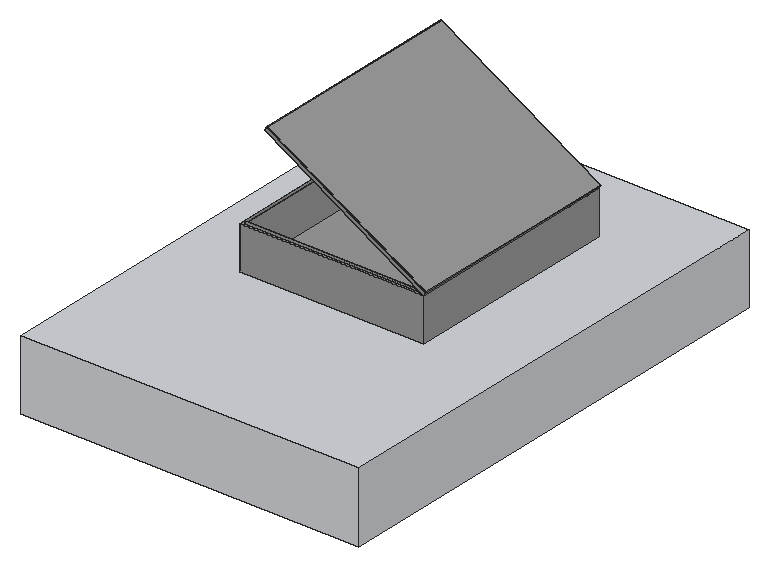
Revit family "Hager-Univers-IP54-D205-H950-Cl.I-Encl-CH-fr", category Equipement électrique, Revit 2020
Family settings
  Hôte = Face
  Configuration du panneau = Deux colonnes, circuits au sein
  Cote de connecteur circulaire = Utiliser le diamètre
  Type d'élément = Tableau de raccordement
  Couper avec des vides une fois chargée = Non
  Partagée = Non
  Point de calcul de pièce = Non
Parameters (values of type "saillie IP54 L800 H950 P205  - FP63TW2")
  Width Control [instance] = if([EF000008 - largeur] > Min Width, [EF000008 - largeur], Min Width)  # 800 mm
  Commentaires du type = [HG000003 - Gamme]  # "Univers"
  Thickness Door [instance] = if([EF009171 - épaisseur de matériau de la porte/du couvercle] > 3 mm, 3 mm, [EF009171 - épaisseur de matériau de la porte/du couvercle])  # 1 mm
  Seal Frame Offset [instance] = 17 mm  # constant formula
  Plinth Visibility [instance] = [HG000027 - Hauteur du socle] > 0 mm  # no
  Model = ""
  Min Width [instance] = 100 mm  # constant formula
  Min Height [instance] = 100 mm  # constant formula
  Min Depth [instance] = (2 * [EF009170 - épaisseur de matériau du boîtier]) + 1 mm  # 3 mm
  Internal Frame Depth [instance] = (Door System Depth * 0.5)  # 9 mm
  Height Control [instance] = if([EF000040 - hauteur] > Min Height, [EF000040 - hauteur], Min Height)  # 950 mm
  HG000027 - Hauteur du socle = 0 mm
  HG000026 - Installation au sol = no
  HG000024 - Hauteur de la section basse = 800 mm
  HG000023 - Armoire double section = no
  HG000016 - Visibilité de la porte 3D [instance] = yes
  HG000015 - Visibilité de l'emprise de la porte [instance] = no
  HG000014 - Porte à droite [instance] = yes
  HG000013 - Porte à gauche [instance] = not([HG000014 - Porte à droite])  # no
  HG000012 - Angle de pivotement de la porte [instance] = 30.00°
  HG000010 - Portes asymétriques = no
  HG000009 - Porte à double battant = no
  HG000006 - Encastré = no
  HG000004 - Référence fabricant = "FP63TW2"
  HG000003 - Gamme = "Univers"
  HG000002 - avec porte = yes
  Frame Offset Bottom [instance] = 10 mm  # constant formula
  Frame Offset [instance] = 15 mm  # constant formula
  EF015940 - couvercle avec décharge de pression = no
  EF011959 - degré de protection (NEMA) = ""
  EF009554 - nombre d'ouvertures pour plaques à bride = 6
  Fabricant = "Hager"  # constant formula
  EF009212 - finition du couvercle = "EV000116 - fermé"
  EF009171 - épaisseur de matériau de la porte/du couvercle = 1 mm
  EF009170 - épaisseur de matériau du boîtier = 1 mm
  EF008873 - courant nominal (In) = 250 A
  EF007800 - adapté à un parafoudre = no
  EF006306 - avec serrure = no
  EF006244 - couvercle/porte transparent(e) = no
  EF005474 - indice de protection (IP) = "EV006419 - IP54"
  EF004464 - type de porte = "EV002646 - unique"
  EF004427 - nombre de modules = 216
  EF004293 - indice de protection contre les chocs (IK) = "EV006815 - IK09"
  EF003532 - convient pour utilisation à l’extérieur = no
  EF002950 - largeur en nombre de modules = 36
  EF001613 - maintien de fonction = "EV000494 - sans"
  EF001596 - matériau du boîtier/corps = "EV000179 - acier"
  EF001131 - profondeur intérieure = 130 mm
  EF001088 - possibilité de montage en saillie = yes
  EF000437 - nombre d'entrées de conduit = 6
  EF000339 - type de capot = "EV001012 - couvercle"
  EF000266 - nombre de rangées = 6
  EF000218 - profondeur d'encastrement = 205 mm
  EF000118 - avec cadre/support de montage = no
  EF000116 - numéro RAL = "9010"
  EF000049 - profondeur = 205 mm
  EF000040 - hauteur = 950 mm
  EF000008 - largeur = 800 mm
  EF000007 - couleur = "EV000202 - blanc"
  EF000003 - mode de pose = "EV000384 - saillie"
  Door System Leaf Tolerance [instance] = 1.5 mm  # constant formula
  Door System Depth [instance] = 18 mm  # constant formula
  Door Height [instance] = Height Control - [HG000027 - Hauteur du socle]  # 950 mm
  Depth Control [instance] = if([EF000049 - profondeur] > Min Depth, [EF000049 - profondeur], Min Depth)  # 205 mm
  Default Elevation = 0 mm
  Connector Offset [instance] = Height Control / 2  # 475 mm
  Bottom Top Plate Trim [instance] = 1.5 mm  # constant formula
  Plinth height Ctrl [instance] = if([HG000027 - Hauteur du socle] > 0 mm, [HG000027 - Hauteur du socle], 12 mm)  # 12 mm
Types (5, lengths in mm): name | Width Control | HG000004 - Référence fabricant | EF009554 - nombre d'ouvertures pour plaques à bride | EF004464 - type de porte | EF004427 - nombre de modules | EF002950 - largeur en nombre de modules | EF000437 - nombre d'entrées de conduit | EF000008 - largeur
  saillie IP54 L1050 H950 P205  - FP64TW2 | 1050 | "FP64TW2" | 8 | "EV003602 - double" | 288 | 48 | 8 | 1050
  saillie IP54 L1300 H950 P205  - FP65TW2 | 1300 | "FP65TW2" | 10 | "EV003602 - double" | 360 | 60 | 10 | 1300
  saillie IP54 L300 H950 P205  - FP61TW2 | 300 | "FP61TW2" | 2 | "EV002646 - unique" | 72 | 12 | 2 | 300
  saillie IP54 L550 H950 P205  - FP62TW2 | 550 | "FP62TW2" | 4 | "EV002646 - unique" | 144 | 24 | 4 | 550
  saillie IP54 L800 H950 P205  - FP63TW2 | 800 | "FP63TW2" | 6 | "EV002646 - unique" | 216 | 36 | 6 | 800
Reference planes
  plane 1 "Center (Front/Back)": y = 0
  plane 2: z = 0
  plane 3 "Center (Left/Right)": x = 0
  plane 4: z = 205
  plane 5: y = 1
  plane 6: y = 475
  plane 7: y = 0
  plane 8: y = 950
  plane 9: z = 0
  plane 10: x = -385
  plane 11: x = 385
  plane 12: x = 384
  plane 13: x = -384
  plane 14: y = 949
  plane 15: x = -383
  plane 16: x = -400
  plane 17: x = 383
  plane 18: x = 400
  plane 19: x = 399
  plane 20: x = -399
  plane 21: y = 11
  plane 22: y = 950
  plane 23: y = 934
  plane 24: z = 187
  plane 25: z = 1
  plane 26: z = 186
  plane 27: z = 204
Forms (mm)
  Extrusion 1, solid
    sketch origin (0, 0, 0) x (1, 0, 0) y (0, 1, 0)
      loop
        line (-702.964, 1305) -> (-702.964, -811.445) -> (766.763, -811.445) -> (766.763, 1305) -> (-702.964, 1305)
    from 0 to -304.8
  Extrusion 2, solid, material "Hager_Steel_RAL7035_Light_Grey", visible <- "Plinth Visibility", detail levels medium+fine
    sketch origin (0, 0, 0) x (1, 0, 0) y (0, 1, 0)
      loop
        line (-400, 0) -> (400, 0) -> (400, 12) -> (-400, 12) -> (-400, 0)
    from 0 to 187
  Extrusion 3, solid, material "Hager_Steel_RAL7035_Light_Grey", detail levels medium+fine
    sketch origin (0, 0, 0) x (1, 0, 0) y (0, 1, 0)
      loop
        line (-400, 0) -> (400, 0) -> (400, 950) -> (-400, 950) -> (-400, 0)
    from 0 to 187
  Extrusion 4, void
    sketch origin (0, 0, 0) x (1, 0, 0) y (0, 1, 0)
      loop
        line (-399, 1) -> (399, 1) -> (399, 949) -> (-399, 949) -> (-399, 1)
    from 1 to 186
  Extrusion 5, void
    sketch origin (-381.607, -4572, 187) x (0, -1, 0) y (-1, 0, 0)
      loop
        line (-4583, 2.393) -> (-5506, 2.393) -> (-5506, -765.607) -> (-4583, -765.607) -> (-4583, 2.393)
    from 0 to 1 <- "EF009170 - épaisseur de matériau du boîtier"
  Extrusion 6, solid, material "Hager_Steel_RAL7035_Light_Grey", detail levels fine
    sketch origin (0, 0, 187) x (1, 0, 0) y (0, 1, 0)
      loop
        line (-384, 934) -> (-384, 11) -> (384, 11) -> (384, 934) -> (-384, 934)
      loop
        line (-385, 10) -> (385, 10) -> (385, 935) -> (-385, 935) -> (-385, 10)
    from 0 to 9 <- "Internal Frame Depth"
  Extrusion 7, solid, material "Hager_Steel_RAL7035_Light_Grey", detail levels coarse
    sketch origin (0, 0, 0) x (1, 0, 0) y (0, 1, 0)
      loop
        line (-400, 0) -> (400, 0) -> (400, 950) -> (-400, 950) -> (-400, 0)
    from 0 to 205
  Sweep 8, void
    path in 3D
      loop
        line (-400, 12, 0) -> (400, 12, 0) -> (400, 12, 187) -> (-400, 12, 187) -> (-400, 12, 0)
    profile origin (-400, 12, 93.5) x (-1, 0, 0) y (0, -1, 0)
      loop
        line (0, 0) -> (0, 1.5) -> (-1.5, 1.5)
        arc (-1.5, 1.5) -> (-1.061, 0.439) -> (0, 0) r 1.5
Cuts and joins
  Extrusion 4, Extrusion 5 cuts Extrusion 3
  Sweep 8 cuts Extrusion 2
Lines and regions (mm)
  Masking region 1
    outline origin (0, 0, 0) x (1, 0, 0) y (0, 0, 1)
      loop
        line (-400, 205) -> (-400, 0) -> (400, 0) -> (400, 205) -> (-400, 205)
  Masking region 2, detail levels medium+fine
    outline origin (0, 140, 0) x (0, 1, 0) y (0, 0, 1)
      loop
        line (-140, 0) -> (810, 0) -> (810, 187) -> (-140, 187) -> (-140, 0)
  Masking region 3, not visible, detail levels medium+fine
    outline origin (0, 297.922, 0) x (0, 1, 0) y (0, 0, 1)
      loop
        line (188.578, 0) -> (228.578, 0) -> (228.578, 194)
        arc (228.578, 194) -> (225.649, 201.071) -> (218.578, 204) r 10
        line (218.578, 204) -> (188.578, 204) -> (188.578, 0)
  Masking region 4, detail levels coarse
    outline origin (0, 0, 180) x (0, 1, 0) y (0, 0, 1)
      loop
        line (0, -180) -> (950, -180) -> (950, 25) -> (0, 25) -> (0, -180)
  Masking region 5, visible <- "Plinth Visibility", detail levels medium+fine
    outline origin (0, 52.24, 12.345) x (0, 0, -1) y (0, 1, 0)
      loop
        line (10.845, -40.24) -> (-173.155, -40.24)
        arc (-173.155, -40.24) -> (-173.594, -41.301) -> (-174.655, -41.74) r 1.5
        line (-174.655, -41.74) -> (-174.655, -52.24) -> (12.345, -52.24) -> (12.345, -41.74)
        arc (12.345, -41.74) -> (11.285, -41.301) -> (10.845, -40.24) r 1.5
  Masking region 6, detail levels medium+fine
    outline origin (-381.607, -4572, 187) x (-1, 0, 0) y (0, -1, 0)
      loop
        line (18.393, -5522) -> (18.393, -4572) -> (-781.607, -4572) -> (-781.607, -5522) -> (18.393, -5522)
  Masking region 7, visible <- "Plinth Visibility", detail levels medium+fine
    outline origin (-381.607, -4727, 187) x (-1, 0, 0) y (0, -1, 0)
      loop
        arc (16.893, -4739) -> (17.332, -4737.939) -> (18.393, -4737.5) r 1.5
        line (18.393, -4737.5) -> (18.393, -4727) -> (-781.607, -4727) -> (-781.607, -4737.5)
        arc (-781.607, -4737.5) -> (-780.546, -4737.939) -> (-780.107, -4739) r 1.5
        line (-780.107, -4739) -> (16.893, -4739)
  Masking region 8, detail levels coarse
    outline origin (-442.548, -4669.526, 187) x (-1, 0, 0) y (0, -1, 0)
      loop
        line (-42.548, -5619.526) -> (-42.548, -4669.526) -> (-842.548, -4669.526) -> (-842.548, -5619.526) -> (-42.548, -5619.526)
  sketch lines
    curve 1: line (-400, 12, 187) -> (-400, 12, 0)
    curve 2: line (400, 12, 187) -> (-400, 12, 187)
    curve 3: line (400, 12, 187) -> (400, 12, 0)
    curve 4: line (-400, 12, 0) -> (400, 12, 0)
Dimensions and locks
  "Depth Control": plane 4 to Extrusion 1
  "HG000027 - Hauteur du socle": plane 1 "Center (Front/Back)" to plane 7
  "EF009170 - épaisseur de matériau du boîtier": plane 5 to plane 7
  locked: connector elem to plane 3 "Center (Left/Right)"
  equal spacing: plane 8, plane 6, plane 7
  locked: connector elem to plane 6
  "EF009170 - épaisseur de matériau du boîtier": plane 8 to plane 14
  "EF009170 - épaisseur de matériau du boîtier": plane 10 to plane 13
  "EF009170 - épaisseur de matériau du boîtier": plane 12 to plane 11
  "Frame Offset": plane 20 to plane 13
  "Frame Offset": plane 12 to plane 19
  "EF009170 - épaisseur de matériau du boîtier": plane 16 to plane 20
  "EF009170 - épaisseur de matériau du boîtier": plane 19 to plane 18
  "Seal Frame Offset": plane 16 to plane 15
  "Seal Frame Offset": plane 17 to plane 18
  "Frame Offset Bottom": plane 21 to plane 5
  "Frame Offset": plane 14 to plane 23
  equal spacing: plane 16, plane 3 "Center (Left/Right)", plane 18
  "Width Control": plane 16 to plane 18
  "EF009170 - épaisseur de matériau du boîtier": plane 4 to plane 27
  "EF009170 - épaisseur de matériau du boîtier": plane 24 to plane 26
  "EF009170 - épaisseur de matériau du boîtier": plane 25 to level
  "Door System Depth": plane 4 to plane 24
  "Height Control": plane 1 "Center (Front/Back)" to Extrusion 7 sketch curve
  "Height Control": Masking region 4 sketch curve to plane 1 "Center (Front/Back)"
  "Height Control": plane 1 "Center (Front/Back)" to plane 22
  "Bottom Top Plate Trim": profile plane to Sweep 8 sketch curve
  "Bottom Top Plate Trim": Sweep 8 sketch curve to profile plane
  "Plinth height Ctrl": plane 1 "Center (Front/Back)" to Extrusion 2 sketch curve
  "Plinth height Ctrl": Masking region 5 sketch curve to plane 1 "Center (Front/Back)"
  "Plinth height Ctrl": plane 1 "Center (Front/Back)" to Masking region 7 sketch curve
  "Thickness Door": Extrusion 6 sketch curve to Extrusion 6 sketch curve  (x3)
  "Thickness Door": cut or joined group of Extrusion 3, Extrusion 4, Extrusion 5 to Extrusion 6 sketch curve
  radius of Masking region 3 sketch curve = 10 mm
  "Bottom Top Plate Trim": radius of Masking region 5 sketch curve  (x2)
  "Bottom Top Plate Trim": radius of Sweep 8 sketch curve
  "Bottom Top Plate Trim": radius of Masking region 7 sketch curve  (x2)
  aligned and locked: plane 2 to Extrusion 1
  aligned and locked: level to Extrusion 1
  aligned and locked: level to Masking region 1 sketch curve
  aligned and locked: Masking region 1 sketch curve to plane 18
  aligned and locked: Masking region 1 sketch curve to plane 16
  aligned and locked: plane 7 to Masking region 2 sketch curve
  aligned and locked: level to Masking region 3 sketch curve
  aligned and locked: Masking region 3 sketch curve to plane 27
  aligned and locked: level to Masking region 2 sketch curve
  aligned and locked: plane 1 "Center (Front/Back)" to Extrusion 2 sketch curve
  aligned and locked: Extrusion 3 sketch curve to plane 7
  aligned and locked: plane 16 to Extrusion 3 sketch curve
  aligned and locked: plane 18 to Extrusion 3 sketch curve
  aligned and locked: plane 20 to Extrusion 4 sketch curve
  aligned and locked: plane 19 to Extrusion 4 sketch curve
  aligned and locked: Extrusion 4 sketch curve to plane 5
  aligned and locked: Extrusion 4 to plane 25
  aligned and locked: plane 26 to Extrusion 4
  aligned and locked: plane 24 to Extrusion 3
  aligned and locked: Extrusion 5 sketch curve to plane 21
  aligned and locked: Extrusion 5 sketch curve to plane 13
  aligned and locked: Extrusion 5 sketch curve to plane 12
  aligned and locked: plane 18 to Extrusion 7 sketch curve
  aligned and locked: plane 1 "Center (Front/Back)" to Extrusion 7 sketch curve
  aligned and locked: plane 16 to Extrusion 7 sketch curve
  aligned and locked: plane 4 to Extrusion 7
  aligned and locked: Extrusion 7 to level
  aligned and locked: level to Masking region 4 sketch curve
  aligned and locked: Masking region 4 sketch curve to plane 1 "Center (Front/Back)"
  aligned and locked: Masking region 4 sketch curve to plane 4
  aligned and locked: nested 1 to level
  aligned and locked: nested 1 to plane 16
  aligned and locked: plane 8 to Extrusion 3 sketch curve
  aligned and locked: plane 23 to Extrusion 5 sketch curve
  aligned and locked: plane 14 to Extrusion 4 sketch curve
  aligned and locked: Masking region 2 sketch curve to plane 8
  aligned and locked: level to Masking region 5 sketch curve
  aligned and locked: plane 16 to Extrusion 2 sketch curve
  aligned and locked: plane 18 to Extrusion 2 sketch curve
  aligned and locked: Masking region 5 sketch curve to plane 24
  aligned and locked: Masking region 2 sketch curve to plane 24
  aligned and locked: plane 24 to Extrusion 2
  aligned and locked: profile plane to Sweep 8 sketch curve  (x2)
  aligned and locked: Masking region 6 sketch curve to plane 18
  aligned and locked: Masking region 6 sketch curve to plane 22
  aligned and locked: Masking region 6 sketch curve to plane 16
  aligned and locked: plane 8 to plane 22
  aligned and locked: Masking region 6 sketch curve to plane 7
  aligned and locked: Masking region 7 sketch curve to plane 16
  aligned and locked: Masking region 7 sketch curve to plane 1 "Center (Front/Back)"
  aligned and locked: Masking region 7 sketch curve to plane 18
  aligned and locked: Masking region 8 sketch curve to plane 1 "Center (Front/Back)"
  aligned and locked: Masking region 8 sketch curve to plane 18
  aligned and locked: Masking region 8 sketch curve to plane 22
  aligned and locked: Masking region 8 sketch curve to plane 16
  aligned and locked: nested 2 to plane 7
  aligned and locked: plane 3 "Center (Left/Right)" to nested 2
  aligned and locked: nested 2 to plane 24
  aligned and locked: Extrusion 6 sketch curve to cut or joined group of Extrusion 3, Extrusion 4, Extrusion 5  (x4)
Automatic sketch dimensions
  Extrusion 1 sketch curve to Extrusion 1 sketch curve = 1469.727 mm
  Extrusion 1 sketch curve to Extrusion 1 sketch curve = 2116.445 mm
  Masking region 1 sketch curve to plane 4 = 0 mm
  plane 6 to Masking region 3 sketch curve = 11.5 mm
  Masking region 3 sketch curve to Masking region 3 sketch curve = 30 mm
  Masking region 5 sketch curve to plane 1 "Center (Front/Back)" = 0 mm
Nested families
  nested 1: "Hager_Enclosure_Symbol" at (-400, 0, 0) x (1, 0, 0) z (0, -1, 0), Height <- "Depth Control", Width <- "Width Control", type "Hager_Enclosure_Symbol"
    with Width_Ctrl 800 mm, Width 800 mm, Height_Ctrl 205 mm, Height 205 mm, A_Width_Int 13.453 mm, A_Width 161.438 mm, A_Height_Ctrl 179.375 mm, A_Height 179.375 mm
  nested 2: "EC000058_Univers_Door" at (0, 0, 187) x (1, 0, 0) z (0, 1, 0), Leaf_Tolerance <- "Door System Leaf Tolerance", Angle <- "HG000012 - Angle de pivotement de la porte", Door_Depth <- "Door System Depth", Door_Left <- "HG000013 - Porte à gauche", Transparent <- "EF006244 - couvercle/porte transparent(e)", Assymetrical <- "HG000010 - Portes asymétriques", Width <- "Width Control", Clearance <- "HG000015 - Visibilité de l'emprise de la porte", Double <- "HG000009 - Porte à double battant", 3d_Door <- "HG000016 - Visibilité de la porte 3D", Lock_Visibility <- "EF006306 - avec serrure", Width_Ctrl <- "Width Control", Door_Right <- "HG000014 - Porte à droite", Door <- "HG000002 - avec porte", Height <- "Door Height", Thickness <- "Thickness Door", type "EC000058_Univers_Door", detail levels medium+fine
    with min_wh 3 mm, Width_Ctrl 800 mm, Width 800 mm, Transparent no, Thickness 1 mm, Seal_Material Hager_Rubber, Lock_Visibility no, Lock_Material Hager_Plastic_RAL9005_Jet_Black, Leaf_Width 800 mm, Leaf_Tolerance_External_Sides 0 mm, Leaf_Tolerance 1.5 mm, Leaf_Offset 0 mm, Leaf_Height 947 mm, Leaf_2_Width 800 mm, Leaf_2_Offset 400 mm, Leaf_1_Width 800 mm, Leaf_1_Offset 400 mm, Height_Ctrl 950 mm, Height 950 mm, Glass_Material Hager_Glass, Double_Clearance_Ctrl no, Double no, Door_Right_Ctrl yes, Door_Right yes, Door_Material Hager_Steel_RAL7035_Light_Grey, Door_Left_Ctrl no, Door_Left no, Door_Depth 18 mm, Door yes, Clearance_Material Hager_Clearance, Clearance_Depth 800 mm, Clearance_Ctrl no, Clearance no, Assymetrical no, Angle 30.00°, 3d_Door yes
Connectors
  electrical at (0, 475, 0)
    settings: on plane 9, index 1, voltage 0 V, apparent load 0 VA, apparent load phase1 0 VA, apparent load phase2 0 VA, apparent load phase3 0 VA, power factor 1, load classification "Other", number of poles 1, system type 30, power factor state 1, is connector primary yes, connector utility no, sub classification motor no, connector description ""
Definition of nested family "EC000058_Univers_Door"
  Parameters (values of type "EC000058_Univers_Door")
    min_wh [instance] = (2 * Thickness) + 1 mm  # 11 mm
    Width_Ctrl [instance] = 400 mm
    Width [instance] = 500 mm
    Transparent [instance] = yes
    Thickness [instance] = 5 mm
    Seal_Material [instance] = none
    Lock_Visibility [instance] = yes
    Lock_Material [instance] = none
    Leaf_Width [instance] = if((Width_Ctrl - 2 * Leaf_Tolerance_External_Sides) > 0 mm, (Width_Ctrl - 2 * Leaf_Tolerance_External_Sides), min_wh)  # 400 mm
    Leaf_Tolerance_External_Sides [instance] = 0 mm  # constant formula
    Leaf_Tolerance [instance] = 1.5 mm
    Leaf_Offset [instance] = 0 mm  # constant formula
    Leaf_Height [instance] = if((Height_Ctrl - 2 * Leaf_Tolerance) > 0 mm, (Height_Ctrl - 2 * Leaf_Tolerance), min_wh)  # 497 mm
    Leaf_2_Width [instance] = if(and(and(Double, Assymetrical), Door_Left), (Leaf_Width / 3) - (Leaf_Tolerance / 2), if(and(and(Double, Assymetrical), Door_Right), (Leaf_Width / 3) * 2 - (Leaf_Tolerance / 2), if(and(Double, not(Assymetrical)), (Leaf_Width / 2) - Leaf_Tolerance, Leaf_Width)))  # 400 mm
    Leaf_2_Offset [instance] = if(and(Double, Assymetrical), Leaf_2_Width / 2, if(and(Double, not(Assymetrical)), Leaf_Width / 4, Leaf_Width / 2))  # 200 mm
    Leaf_1_Width [instance] = if(and(and(Double, Assymetrical), Door_Right), (Leaf_Width / 3) - (Leaf_Tolerance / 2), if(and(and(Double, Assymetrical), Door_Left), (Width / 3) * 2 - (Leaf_Tolerance / 2), if(and(Double, not(Assymetrical)), (Leaf_Width / 2) - Leaf_Tolerance, Leaf_Width)))  # 400 mm
    Leaf_1_Offset [instance] = if(and(Double, Assymetrical), Leaf_1_Width / 2, if(and(Double, not(Assymetrical)), Leaf_Width / 4, Leaf_Width / 2))  # 200 mm
    Height_Ctrl [instance] = if(Height > min_wh, Height, min_wh)  # 500 mm
    Height [instance] = 500 mm
    Glass_Material [instance] = none
    Double_Clearance_Ctrl [instance] = and(Double, Clearance)  # no
    Double [instance] = no
    Door_Right_Ctrl [instance] = and(or(Door_Right, Double), Door)  # yes
    Door_Right [instance] = yes
    Door_Material [instance] = none
    Door_Left_Ctrl [instance] = and(or(Door_Left, Double), Door)  # no
    Door_Left [instance] = no
    Door_Depth [instance] = 30 mm
    Door [instance] = yes
    Default Elevation = 1219.2 mm
    Clearance_Material [instance] = none
    Clearance_Depth [instance] = if(Leaf_1_Width > Leaf_2_Width, Leaf_1_Width, Leaf_2_Width)  # 400 mm
    Clearance_Ctrl [instance] = and(not(Double), Clearance)  # yes
    Clearance [instance] = yes
    Assymetrical [instance] = yes
    Angle [instance] = 30.00°
    3d_Door [instance] = yes
  Reference planes
    plane 1 "Center (Front/Back)": y = 0
    plane 2 "Bottom": z = 0
    plane 3 "Center (Left/Right)": x = 0
    plane 4: z = 500
    plane 5: x = -200
    plane 6: x = 200
    plane 7: z = 500
    plane 8: x = -200
    plane 9: z = 0
    plane 10: x = 200
    plane 11: y = 0
    plane 12: z = 1.5
    plane 13: x = -600
    plane 14: y = -400
    plane 15: x = 600
    plane 16: x = 0
    plane 17: x = 0
    plane 18: x = -200
    plane 19: x = 200
    plane 20: z = 498.5
  Forms (mm)
    Extrusion 1, solid, material <- "Clearance_Material", visible <- "Double_Clearance_Ctrl"
      sketch origin (1200, 0, 0) x (1, 0, 0) y (0, 0, -1)
        loop
          line (-1800, -498.5) -> (-600, -498.5) -> (-600, 0) -> (-1800, 0) -> (-1800, -498.5)
      from 0 to -400
  Dimensions and locks
    equal spacing: plane 5, plane 3 "Center (Left/Right)", plane 6
    "Width_Ctrl": plane 5 to plane 6
    "Leaf_Offset": plane 5 to plane 8
    "Leaf_Offset": plane 6 to plane 10
    "Leaf_Offset": plane 9 to level
    "Leaf_Offset": plane 4 to plane 7
    "Height_Ctrl": plane 4 to level
    "Leaf_Tolerance": plane 12 to plane 9
    locked: plane 11 to plane 1 "Center (Front/Back)"
    "Leaf_1_Offset": plane 18 to plane 16
    "Leaf_2_Offset": plane 17 to plane 19
    "Leaf_1_Width": plane 13 to plane 8
    "Leaf_2_Width": plane 10 to plane 15
    "Clearance_Depth": plane 14 to plane 1 "Center (Front/Back)"
    "Leaf_Tolerance_External_Sides": plane 8 to plane 18
    "Leaf_Tolerance_External_Sides": plane 19 to plane 10
    "Leaf_Tolerance": plane 7 to plane 20
    aligned and locked: level to plane 2 "Bottom"
    aligned and locked: nested 1 to plane 16
    aligned and locked: nested 2 to plane 17
    aligned and locked: Extrusion 1 to plane 13
    aligned and locked: plane 15 to Extrusion 1
    aligned and locked: Extrusion 1 to plane 14
    aligned and locked: plane 12 to nested 1
    aligned and locked: nested 2 to plane 12
    aligned and locked: Extrusion 1 to plane 11
    aligned and locked: plane 20 to Extrusion 1
    aligned and locked: nested 2 to plane 11
    aligned and locked: nested 1 to plane 11
  Automatic sketch dimensions
    Extrusion 1 sketch curve to level = 0 mm
    plane 5 to Extrusion 1 sketch curve = 400 mm
    plane 6 to Extrusion 1 sketch curve = 400 mm
    Extrusion 1 sketch curve to plane 4 = 1.5 mm
  Nested families
    nested 1: "EC000058_Univers_Door_Leaf" at (0, 0, 1.5), Width <- "Leaf_1_Width", visible <- "Door_Left_Ctrl", Leaf_Height <- "Leaf_Height", Angle <- "Angle", 3d_Door <- "3d_Door", Transparent <- "Transparent", Clearance Material <- "Clearance_Material", Clearance <- "Clearance_Ctrl", Door_Material <- "Door_Material", Glass_Material <- "Glass_Material", Door_Depth <- "Door_Depth", Lock_Material <- "Lock_Material", Seal_Material <- "Seal_Material", Lock_Visibility <- "Lock_Visibility", Thickness <- "Thickness", type "EC000058_Univers_Door_Leaf"
      with Width 400 mm, Transparent_Glass_Offset 30 mm, Transparent_Ctrl yes, Transparent yes, Thickness 5 mm, Standard no, Seal_Material none, Seal_D2 8 mm, Seal_D1 1 mm, Offset_Internal_Frame 10 mm, Lock_Width 20 mm, Lock_Visibility_3d yes, Lock_Visibility yes, Lock_Thickness_3 3 mm, Lock_Thickness_2 1 mm, Lock_Thickness_1 3 mm, Lock_Radius_Offset_2 16 mm, Lock_Radius_Offset_1 15 mm, Lock_Radius_2 5 mm, Lock_Radius 6 mm, Lock_Offset 5 mm, Lock_Material none, Lock_Height 80 mm, Lock_Cover_Top_Offset_2d 17 mm, Lock_Cover_Height -65 mm, Leaf_Height 497 mm, Internal_Seal_Thickness 8 mm, Internal_Seal_Depth_2 4.5 mm, Internal_Frame_Depth 25 mm, Glass_Thickness -1 mm, Glass_Offset -2 mm, Glass_Material none, Door_Material none, Door_Depth 30 mm, Clearance Material none, Clearance yes, Angle_Ctrl 30.00°, Angle 30.00°, 3d_Door yes
    nested 2: "EC000058_Univers_Door_Leaf" at (0, 0, 1.5) x (-1, 0, 0) z (0, 0, 1), Width <- "Leaf_2_Width", visible <- "Door_Right_Ctrl", Leaf_Height <- "Leaf_Height", Angle <- "Angle", 3d_Door <- "3d_Door", Transparent <- "Transparent", Clearance Material <- "Clearance_Material", Clearance <- "Clearance_Ctrl", Door_Material <- "Door_Material", Glass_Material <- "Glass_Material", Door_Depth <- "Door_Depth", Lock_Material <- "Lock_Material", Seal_Material <- "Seal_Material", Lock_Visibility <- "Lock_Visibility", Thickness <- "Thickness", type "EC000058_Univers_Door_Leaf"
      with Width 400 mm, Transparent_Glass_Offset 30 mm, Transparent_Ctrl yes, Transparent yes, Thickness 5 mm, Standard no, Seal_Material none, Seal_D2 8 mm, Seal_D1 1 mm, Offset_Internal_Frame 10 mm, Lock_Width 20 mm, Lock_Visibility_3d yes, Lock_Visibility yes, Lock_Thickness_3 3 mm, Lock_Thickness_2 1 mm, Lock_Thickness_1 3 mm, Lock_Radius_Offset_2 16 mm, Lock_Radius_Offset_1 15 mm, Lock_Radius_2 5 mm, Lock_Radius 6 mm, Lock_Offset 5 mm, Lock_Material none, Lock_Height 80 mm, Lock_Cover_Top_Offset_2d 17 mm, Lock_Cover_Height -65 mm, Leaf_Height 497 mm, Internal_Seal_Thickness 8 mm, Internal_Seal_Depth_2 4.5 mm, Internal_Frame_Depth 25 mm, Glass_Thickness -1 mm, Glass_Offset -2 mm, Glass_Material none, Door_Material none, Door_Depth 30 mm, Clearance Material none, Clearance yes, Angle_Ctrl 30.00°, Angle 30.00°, 3d_Door yes
  Definition of nested family "EC000058_Univers_Door_Leaf"
    Parameters (values of type "EC000058_Univers_Door_Leaf")
      Width [instance] = 2000 mm
      Transparent_Glass_Offset [instance] = 30 mm
      Transparent_Ctrl [instance] = and(Transparent, [3d_Door])  # yes
      Transparent [instance] = yes
      Thickness [instance] = 5 mm
      Standard [instance] = and(not(Transparent), [3d_Door])  # no
      Seal_Material [instance] = none
      Seal_D2 [instance] = 8 mm  # constant formula
      Seal_D1 [instance] = 1 mm  # constant formula
      Offset_Internal_Frame [instance] = 10 mm  # constant formula
      Lock_Width [instance] = 20 mm  # constant formula
      Lock_Visibility_3d [instance] = and(Lock_Visibility, [3d_Door])  # yes
      Lock_Visibility [instance] = yes
      Lock_Thickness_3 [instance] = 3 mm  # constant formula
      Lock_Thickness_2 [instance] = 1 mm  # constant formula
      Lock_Thickness_1 [instance] = 3 mm  # constant formula
      Lock_Radius_Offset_2 [instance] = Lock_Radius_Offset_1 + 1 mm  # 16 mm
      Lock_Radius_Offset_1 [instance] = 15 mm  # constant formula
      Lock_Radius_2 [instance] = Lock_Radius - 1 mm  # 5 mm
      Lock_Radius [instance] = 6 mm  # constant formula
      Lock_Offset [instance] = 5 mm  # constant formula
      Lock_Material [instance] = none
      Lock_Height [instance] = 80 mm  # constant formula
      Lock_Cover_Top_Offset_2d [instance] = Lock_Radius_Offset_2 + 1 mm  # 17 mm
      Lock_Cover_Height [instance] = -(Lock_Height - Lock_Radius_Offset_1)  # -65 mm
      Leaf_Height [instance] = 2720.336 mm
      Internal_Seal_Thickness [instance] = 8 mm  # constant formula
      Internal_Seal_Depth_2 [instance] = 4.5 mm  # constant formula
      Internal_Frame_Depth [instance] = if(Door_Depth - Thickness > 5 mm, Door_Depth - Thickness, 5 mm)  # 25 mm
      Glass_Thickness [instance] = if(Thickness > 15 mm, Glass_Offset + 10 mm, -1 mm)  # -1 mm
      Glass_Offset [instance] = if(Thickness > 15 mm, -(Thickness + 10 mm) / 2, -2 mm)  # -2 mm
      Glass_Material [instance] = none
      Door_Material [instance] = none
      Door_Depth [instance] = 30 mm
      Default Elevation = 0 mm
      Clearance Material [instance] = none
      Clearance [instance] = yes
      Angle_Ctrl [instance] = if(Angle > 180.00°, 180.00°, Angle)  # 90.00°
      Angle [instance] = 90.00°
      3d_Door [instance] = yes
    Reference planes
      plane 1 "Center (Front/Back)": y = 0
      plane 2: z = 0
      plane 3 "Center (Left/Right)": x = 0
      plane 4: y = 2000
      plane 5: x = -1000
      plane 6: x = 1000
      plane 7: x = -3000
      plane 8: z = 2720.336
      plane 9: z = 30
      plane 10: z = 2690.336
      plane 11: x = 970
      plane 12: x = -970
      plane 13: y = -3
      plane 14: z = 107.833
      plane 15: y = -5
      plane 16: y = -223.314
      plane 17: x = -1000
      plane 18: z = 1360.168
      plane 19: y = 30
    Forms (mm)
      Extrusion 1, solid, material <- "Clearance Material", visible <- "Clearance"
        sketch origin (0, 0, 0) x (1, 0, 0) y (0, 0, 1)
          loop
            line (-3000, 2720.336) -> (-3000, 0) -> (1000, 0) -> (1000, 2720.336) -> (-3000, 2720.336)
        from 0 to -2000
      Extrusion 2, solid, material <- "Door_Material", visible <- "Standard", detail levels medium+fine
        sketch origin (-1000, 0, 0) x (0, 1, 0) y (-1, 0, 0)
          loop
            line (0, 30) -> (0, 25) -> (2000, 25) -> (2000, 30) -> (0, 30)
        from 0 to 2720.336 <- "Leaf_Height"
      Extrusion 3, solid, material <- "Door_Material", visible <- "Transparent_Ctrl", detail levels medium+fine
        sketch origin (-1000, 0, 0) x (0, 1, 0) y (-1, 0, 0)
          loop
            line (0, 25) -> (2000, 25) -> (2000, 30) -> (0, 30) -> (0, 25)
        from 0 to 2720.336 <- "Leaf_Height"
      Extrusion 4, void
        sketch origin (-1025, 2000, 0) x (0, 1, 0) y (0, 0, -1)
          loop
            line (-30, -2690.336) -> (-30, -30) -> (-1970, -30) -> (-1970, -2690.336) -> (-30, -2690.336)
        from 0 to 5 <- "Thickness"
      Sweep 5, solid, material <- "Seal_Material", visible <- "Transparent_Ctrl", detail levels fine
        path in 3D
          loop
            line (-1025, 30, 30) -> (-1025, 30, 2690.336) -> (-1025, 1970, 2690.336) -> (-1025, 1970, 30) -> (-1025, 30, 30)
        profile origin (-1025, 1000, 30) x (1, 0, 0) y (0, 0, 1)
          loop
            line (0, 0) -> (0, -8) -> (1, -8) -> (1, 0) -> (0, 0)
      Extrusion 6, solid, material <- "Glass_Material", visible <- "Transparent_Ctrl", detail levels medium+fine
        sketch origin (-1030, 0, 0) x (0, 1, 0) y (0, 0, -1)
          loop
            line (1970, -2690.336) -> (1970, -30) -> (30, -30) -> (30, -2690.336) -> (1970, -2690.336)
        from -2 <- "Glass_Offset" to -1 <- "Glass_Thickness"
      Extrusion 7, solid, material <- "Door_Material", visible <- "3d_Door", detail levels medium+fine
        sketch origin (-1025, 2000, 0) x (0, -1, 0) y (0, 0, -1)
          loop
            line (0, -2720.336) -> (2000, -2720.336) -> (2000, 0) -> (0, 0) -> (0, -2720.336)
          loop
            line (1995, -5) -> (5, -5) -> (5, -2715.336) -> (1995, -2715.336) -> (1995, -5)
        from 0 to 25 <- "Internal_Frame_Depth"
      Sweep 8, solid, material <- "Seal_Material", visible <- "Transparent_Ctrl", detail levels fine
        path in 3D
          loop
            line (-1025, 0, 0) -> (-1025, 2000, 0) -> (-1025, 2000, 2720.336) -> (-1025, 0, 2720.336) -> (-1025, 0, 0)
        profile origin (-1025, 0, 1360.168) x (1, 0, 0) y (0, 1, 0)
          loop
            line (0, 10) -> (2.975, 10)
            arc (2.975, 10) -> (4.053, 10.447) -> (4.5, 11.525) r 1.525
            line (4.5, 11.525) -> (4.5, 16.527)
            arc (4.5, 16.527) -> (4.069, 17.569) -> (3.027, 18) r 1.473
            line (3.027, 18) -> (0, 18) -> (0, 10)
      Extrusion 9, solid, material <- "Lock_Material", visible <- "Lock_Visibility_3d", detail levels fine
        sketch origin (-1030, 0, 0) x (0, 1, 0) y (0, 0, -1)
          loop
            arc (1993.5, -1400.168) -> (1994.561, -1399.729) -> (1995, -1398.668) r 1.5
            line (1995, -1398.668) -> (1995, -1320.168) -> (1975, -1320.168) -> (1975, -1398.668)
            arc (1975, -1398.668) -> (1975.439, -1399.729) -> (1976.5, -1400.168) r 1.5
            line (1976.5, -1400.168) -> (1993.5, -1400.168)
        from 3 <- "Lock_Thickness_1" to 0
      Blend 10, solid, material <- "Lock_Material", visible <- "Lock_Visibility_3d", detail levels fine
        base sketch origin (-1033, 0, 0) x (0, 1, 0) y (0, 0, -1)
          loop
            line (1975, -1320.168) -> (1975, -1398.668)
            arc (1975, -1398.668) -> (1975.439, -1399.729) -> (1976.5, -1400.168) r 1.5
            line (1976.5, -1400.168) -> (1993.5, -1400.168)
            arc (1993.5, -1400.168) -> (1994.561, -1399.729) -> (1995, -1398.668) r 1.5
            line (1995, -1398.668) -> (1995, -1320.168) -> (1975, -1320.168)
        top sketch origin (-1033, 0, 0) x (0, 1, 0) y (0, 0, -1)
          loop
            line (1976, -1320.168) -> (1976, -1398.668)
            arc (1976, -1398.668) -> (1976.146, -1399.022) -> (1976.5, -1399.168) r 0.5
            line (1976.5, -1399.168) -> (1993.5, -1399.168)
            arc (1993.5, -1399.168) -> (1993.854, -1399.022) -> (1994, -1398.668) r 0.5
            line (1994, -1398.668) -> (1994, -1320.168) -> (1976, -1320.168)
        from 0 to 1 <- "Lock_Thickness_2"
      Blend 11, solid, material <- "Lock_Material", visible <- "Lock_Visibility_3d", detail levels fine
        base sketch origin (-1034, 0, 0) x (0, 1, 0) y (0, 0, -1)
          loop
            line (1978, -1320.168) -> (1978, -1384.168)
            arc (1978, -1384.168) -> (1985, -1391.168) -> (1992, -1384.168) r 7
            line (1992, -1384.168) -> (1992, -1320.168) -> (1978, -1320.168)
        top sketch origin (-1034, 0, 0) x (0, 1, 0) y (0, 0, -1)
          loop
            line (1991, -1320.168) -> (1979, -1320.168) -> (1979, -1383.168)
            arc (1979, -1383.168) -> (1985, -1389.168) -> (1991, -1383.168) r 6
            line (1991, -1383.168) -> (1991, -1320.168)
        from 0 to 3 <- "Lock_Thickness_3"
      Extrusion 12, solid, material <- "Lock_Material", visible <- "Lock_Visibility_3d", detail levels fine
        sketch origin (-1030, 1975, 1320.168) x (1, 0, 0) y (0, -1, 0)
          loop
            line (-7, -19) -> (-7, -1) -> (0, -1) -> (0, 0) -> (-8, 0) -> (-8, -20) -> (0, -20) -> (0, -19) -> (-7, -19)
        from 0 to -65 <- "Lock_Cover_Height"
      Extrusion 13, void
        sketch origin (-1038, 1995, 1320.168) x (-1, 0, 0) y (0, 0, -1)
          loop
            line (-5, -65) -> (0, -65) -> (-5, -60) -> (-5, -65)
        from 0 to 20 <- "Lock_Width"
      Extrusion 14, void
        sketch origin (-1038, 1975, 1320.168) x (0, -1, 0) y (0, 0, -1)
          loop
            circle (-10, -15.995) r 6
          loop
            circle (-10, -15.995) r 5
        from 0 to 2
      Extrusion 15, solid, material <- "Lock_Material", visible <- "Lock_Visibility_3d", detail levels medium
        sketch origin (-1030, 0, 0) x (0, 1, 0) y (0, 0, -1)
          loop
            arc (1993.5, -1400.168) -> (1994.561, -1399.729) -> (1995, -1398.668) r 1.5
            line (1995, -1398.668) -> (1995, -1320.168) -> (1975, -1320.168) -> (1975, -1398.668)
            arc (1975, -1398.668) -> (1975.439, -1399.729) -> (1976.5, -1400.168) r 1.5
            line (1976.5, -1400.168) -> (1993.5, -1400.168)
        from 8 to 0
    Cuts and joins
      Extrusion 4 cuts Extrusion 3
      Extrusion 13, Extrusion 14 cuts Extrusion 9
      Extrusion 14 cuts Blend 11
      Extrusion 13, Extrusion 14 cuts Extrusion 12
      joined: Extrusion 9, Blend 10, Blend 11, Extrusion 12
      Extrusion 14 cuts Extrusion 15
    Lines and regions (mm)
      Masking region 1, visible <- "Lock_Visibility", detail levels fine
        outline origin (0, 0, 0) x (0, 1, 0) y (0, 0, 1)
          loop
            line (30, 1320.168) -> (33, 1320.168) -> (33, 1400.168) -> (30, 1400.168) -> (30, 1320.168)
      Masking region 2, visible <- "Lock_Visibility", detail levels fine
        outline origin (0, 3.143, 0) x (0, 1, 0) y (0, 0, 1)
          loop
            line (29.857, 1354.168) -> (30.857, 1354.168) -> (30.857, 1366.168) -> (29.857, 1366.168) -> (29.857, 1354.168)
      Masking region 3, detail levels medium+fine
        outline origin (0, 0, 0) x (0, 1, 0) y (0, 0, 1)
          loop
            line (0, 0) -> (30, 0) -> (30, 2720.336) -> (0, 2720.336) -> (0, 0)
      Masking region 4, detail levels medium+fine
        outline origin (0, 0, 0) x (1, 0, 0) y (0, 0, 1)
          loop
            line (-1000, 2720.336) -> (-1000, 0) -> (1000, 0) -> (1000, 2720.336) -> (-1000, 2720.336)
      Masking region 5, visible <- "Lock_Visibility", detail levels fine
        outline origin (-47.116, 0, 0) x (1, 0, 0) y (0, 0, 1)
          loop
            arc (1024.616, 1399.168) -> (1023.556, 1398.729) -> (1023.116, 1397.668) r 1.5
            line (1023.116, 1397.668) -> (1023.116, 1320.168) -> (1041.116, 1320.168) -> (1041.116, 1397.668)
            arc (1041.116, 1397.668) -> (1040.677, 1398.729) -> (1039.616, 1399.168) r 1.5
            line (1039.616, 1399.168) -> (1024.616, 1399.168)
      Masking region 6, visible <- "Lock_Visibility", detail levels medium+fine
        outline origin (-25, 0, 0) x (1, 0, 0) y (0, 0, 1)
          loop
            arc (1001.5, 1400.168) -> (1000.439, 1399.729) -> (1000, 1398.668) r 1.5
            line (1000, 1398.668) -> (1000, 1320.168) -> (1020, 1320.168) -> (1020, 1398.668)
            arc (1020, 1398.668) -> (1019.561, 1399.729) -> (1018.5, 1400.168) r 1.5
            line (1018.5, 1400.168) -> (1001.5, 1400.168)
      Masking region 7, visible <- "Lock_Visibility", detail levels fine
        outline origin (-73.735, 0, 0) x (1, 0, 0) y (0, 0, 1)
          loop
            line (1051.735, 1382.168) -> (1065.735, 1382.168) -> (1065.735, 1384.168)
            arc (1065.735, 1384.168) -> (1058.735, 1391.168) -> (1051.735, 1384.168) r 7
            line (1051.735, 1384.168) -> (1051.735, 1382.168)
      Masking region 8, visible <- "Lock_Visibility", detail levels fine
        outline origin (-73.735, 0, 0) x (1, 0, 0) y (0, 0, 1)
          loop
            line (1052.735, 1382.168) -> (1064.735, 1382.168) -> (1064.735, 1383.168)
            arc (1064.735, 1383.168) -> (1058.735, 1389.168) -> (1052.735, 1383.168) r 6
            line (1052.735, 1383.168) -> (1052.735, 1382.168)
      Masking region 9, visible <- "Lock_Visibility", detail levels fine
        outline origin (-25, 0, 0) x (1, 0, 0) y (0, 0, 1)
          loop
            line (1020, 1320.168) -> (1020, 1382.168) -> (1000, 1382.168) -> (1000, 1320.168) -> (1020, 1320.168)
      Masking region 10, detail levels medium+fine
        outline origin (0, 0, 0) x (1, 0, 0) y (0, 0, 1)
          loop
            circle (985, 1335.144) r 6
      Masking region 11, detail levels fine
        outline origin (0, 0, 0) x (1, 0, 0) y (0, 0, 1)
          loop
            circle (985, 1335.144) r 5
      Masking region 12, visible <- "Lock_Visibility", detail levels fine
        outline origin (0, 12.767, 0) x (0, 1, 0) y (0, 0, 1)
          loop
            line (20.233, 1320.168) -> (21.233, 1320.168) -> (21.233, 1399.168) -> (20.233, 1400.168) -> (20.233, 1320.168)
      Masking region 13, visible <- "Lock_Visibility", detail levels fine
        outline origin (0, 13.767, -10) x (0, 1, 0) y (0, 0, 1)
          loop
            line (20.233, 1330.168) -> (23.233, 1330.168) -> (23.233, 1399.168) -> (20.233, 1402.168) -> (20.233, 1330.168)
      Masking region 14, visible <- "Lock_Visibility", detail levels fine
        outline origin (0, 12.767, -10) x (0, 1, 0) y (0, 0, 1)
          loop
            line (20.233, 1330.168) -> (25.233, 1330.168) -> (25.233, 1399.305) -> (20.233, 1394.305) -> (20.233, 1330.168)
      Masking region 15, visible <- "Lock_Visibility", detail levels medium
        outline origin (0, 0, 0) x (0, 1, 0) y (0, 0, 1)
          loop
            line (30, 1320.168) -> (38, 1320.168) -> (38, 1400.168) -> (30, 1400.168) -> (30, 1320.168)
      Masking region 16, visible <- "Lock_Visibility", detail levels fine
        outline origin (-1000, 0, 0) x (0, 1, 0) y (-1, 0, 0)
          loop
            line (1975, 30) -> (1995, 30) -> (1995, 38) -> (1975, 38) -> (1975, 30)
          loop
            line (1979, 37) -> (1976, 37) -> (1976, 34) -> (1978, 34) -> (1979, 37)
          loop
            line (1994, 37) -> (1991, 37) -> (1992, 34) -> (1994, 34) -> (1994, 37)
      Masking region 17, visible <- "Lock_Visibility", detail levels medium
        outline origin (-1000, 0, 0) x (0, 1, 0) y (-1, 0, 0)
          loop
            line (1975, 30) -> (1995, 30) -> (1995, 38) -> (1975, 38) -> (1975, 30)
      symbolic lines
        curve 1: line (1000, 0, 0) -> (-3000, 0, 0)
        curve 2: arc (1000, 0, 0) -> (-1000, 2000, 0) -> (-3000, 0, 0) r 2000
        curve 4: line (-1030, 0, 0) -> (-1030, 2000, 0)
      reference lines
        curve 3: line (-1000, 0, 0) -> (-1000, 2000, 0)
      symbolic lines, detail levels medium+fine
        curve 5: line (-1030, 2000, 0) -> (-1025, 2000, 0)
        curve 7: line (-1025, 0, 0) -> (-1030, 0, 0)
        curve 8: line (-1025, 0, 0) -> (-1000, 0, 0)
        curve 9: line (-1000, 0, 0) -> (-1000, 2000, 0)
        curve 10: line (-1000, 2000, 0) -> (-1025, 2000, 0)
      symbolic lines, detail levels fine
        curve 6: line (-1025, 2000, 0) -> (-1025, 0, 0)
      sketch lines
        curve 11: line (-1025, 0, 2720.336) -> (-1025, 0, 0)
        curve 12: line (-1025, 2000, 0) -> (-1025, 0, 0)
        curve 13: line (-1025, 2000, 2720.336) -> (-1025, 2000, 0)
        curve 14: line (-1025, 0, 2720.336) -> (-1025, 2000, 2720.336)
        curve 15: line (-1025, 1970, 30) -> (-1025, 30, 30)
        curve 16: line (-1025, 30, 30) -> (-1025, 30, 2690.336)
        curve 17: line (-1025, 1970, 2690.336) -> (-1025, 1970, 30)
        curve 18: line (-1025, 30, 2690.336) -> (-1025, 1970, 2690.336)
      symbolic lines, visible <- "Transparent", detail levels medium+fine
        curve 19: line (-970, 0, 2690.336) -> (970, 0, 2690.336)
        curve 20: line (-970, 0, 30) -> (-970, 0, 2690.336)
        curve 21: line (970, 0, 30) -> (-970, 0, 30)
        curve 22: line (970, 0, 2690.336) -> (970, 0, 30)
    Dimensions and locks
      "Width": plane 1 "Center (Front/Back)" to plane 4
      equal spacing: plane 5, plane 3 "Center (Left/Right)", plane 6
      "Width": plane 5 to plane 6
      "Width": plane 7 to plane 5
      "Leaf_Height": plane 8 to level
      "Width": curve 5 to curve 3
      "Width": curve 3 to curve 3
      plane 8 to plane 10 = 30 mm
      plane 9 to level = 30 mm
      plane 12 to plane 5 = 30 mm
      plane 6 to plane 11 = 30 mm
      Extrusion 1 to Extrusion 4 sketch curve = 30 mm
      "Transparent_Glass_Offset": curve 3 to Extrusion 4 sketch curve
      "Transparent_Glass_Offset": Extrusion 4 sketch curve to cut or joined group of Extrusion 3, Extrusion 4  (x2)
      cut or joined group of Extrusion 3, Extrusion 4 to Extrusion 6 sketch curve = 30 mm
      "Transparent_Glass_Offset": cut or joined group of Extrusion 3, Extrusion 4 to Extrusion 4 sketch curve
      "Thickness": curve 6 to curve 4
      "Thickness": Extrusion 7 sketch curve to Extrusion 7 sketch curve  (x4)
      "Door_Depth": curve 4 to curve 3
      "Offset_Internal_Frame": profile plane to Sweep 8 sketch curve
      "Internal_Seal_Thickness": Sweep 8 sketch curve to Sweep 8 sketch curve
      "Internal_Seal_Depth_2": profile plane to Sweep 8 sketch curve
      "Seal_D1": profile plane to Sweep 5 sketch curve
      "Seal_D2": profile plane to Sweep 5 sketch curve
      "Thickness": Extrusion 2 sketch curve to Extrusion 2 sketch curve
      equal spacing: Extrusion 9 sketch curve, plane 18, Extrusion 9 sketch curve  (x2)
      equal spacing: Masking region 1 sketch curve, plane 18, Masking region 1 sketch curve
      "Lock_Height": Masking region 1 sketch curve to Masking region 1 sketch curve
      "Lock_Radius": Masking region 2 sketch curve to plane 18 to Masking region 2 sketch curve
      Masking region 2 sketch curve to Masking region 1 = 1 mm
      "Door_Depth": plane 19 to plane 1 "Center (Front/Back)"
      "Lock_Thickness_1": Masking region 1 sketch curve to plane 19
      "Lock_Width": Extrusion 9 sketch curve to Extrusion 9 sketch curve
      "Lock_Height": Extrusion 9 sketch curve to Extrusion 9 sketch curve
      "Lock_Offset": cut or joined group of Extrusion 3, Extrusion 4 to Extrusion 9 sketch curve
      equal spacing: plane 8, plane 18, level
      "Lock_Radius_Offset_1": Blend 11 sketch curve to Blend 10
      locked: Blend 10 to Blend 11 sketch curve at 2  (x2)
      locked: var sketch to Blend 11 sketch curve at 1  (x2)
      "Lock_Radius_Offset_2": Blend 11 sketch curve to Blend 10
      locked: Extrusion 12 sketch curve to Extrusion 12 sketch curve at 1  (x3)
      Masking region 6 sketch curve to Masking region 6 sketch curve = 80 mm
      "Lock_Height": Masking region 6 sketch curve to Masking region 6 sketch curve
      "Lock_Width": Masking region 6 sketch curve to Masking region 6 sketch curve
      locked: Masking region 6 to Masking region 5 sketch curve at 1  (x3)
      locked: Masking region 5 to Masking region 7 sketch curve at 2  (x2)
      "Lock_Radius_Offset_1": Masking region 5 to Masking region 7 sketch curve
      "Lock_Radius_Offset_2": Masking region 5 to Masking region 8 sketch curve
      locked: Masking region 7 to Masking region 8 sketch curve at 1  (x2)
      "Lock_Cover_Top_Offset_2d": Masking region 5 to Masking region 9 sketch curve
      equal spacing: Masking region 9, Masking region 10 sketch curve, Masking region 9
      equal spacing: Masking region 9, Masking region 11 sketch curve, Masking region 9
      Extrusion 15 sketch curve to Extrusion 15 sketch curve = 80 mm
      "Lock_Width": Extrusion 15 sketch curve to Extrusion 15 sketch curve
      "Lock_Height": Extrusion 15 sketch curve to Extrusion 15 sketch curve
      equal spacing: Extrusion 15 sketch curve, plane 18, Extrusion 15 sketch curve
      "Lock_Thickness_3": Masking region 13 sketch curve to Masking region 13 sketch curve
      "Lock_Height": Masking region 12 sketch curve to Masking region 12 sketch curve
      locked: Masking region 13 sketch curve to Masking region 1 at 8
      locked: Masking region 14 sketch curve to Masking region 13 at 1
      locked: Masking region 14 sketch curve to Masking region 1 at 10.863
      "Lock_Height": Masking region 15 sketch curve to Masking region 15 sketch curve
      "Lock_Offset": Extrusion 15 sketch curve to cut or joined group of Extrusion 3, Extrusion 4
      "Lock_Offset": plane 6 to Masking region 6 sketch curve
      radius of Sweep 8 sketch curve = 1.525 mm
      radius of Sweep 8 sketch curve = 1.473 mm
      radius of Extrusion 9 sketch curve = 1.5 mm  (x2)
      "Lock_Radius": radius of Extrusion 14 sketch curve
      "Lock_Radius_2": radius of Extrusion 14 sketch curve
      "Lock_Radius": radius of Masking region 10 sketch curve
      "Lock_Radius_2": radius of Masking region 11 sketch curve
      radius of Extrusion 15 sketch curve = 1.5 mm  (x2)
      "Angle_Ctrl": angle plane 1 "Center (Front/Back)" to curve 3
      locked: Masking region 12 sketch curve to Masking region 12 sketch curve (angle 45.00°)
      locked: Masking region 13 sketch curve to Masking region 13 sketch curve (angle 45.00°)
      locked: Masking region 14 sketch curve to Masking region 14 sketch curve (angle 45.00°)
      aligned and locked: level to plane 2
      aligned and locked: Extrusion 1 to curve 1
      aligned and locked: plane 6 to Extrusion 1
      aligned and locked: Extrusion 1 to plane 1 "Center (Front/Back)"
      aligned and locked: plane 4 to Extrusion 1
      aligned and locked: plane 8 to Extrusion 1
      aligned and locked: curve 7 to Extrusion 2 sketch curve
      aligned and locked: curve 5 to Extrusion 2 sketch curve
      aligned and locked: curve 7 to Extrusion 3 sketch curve
      aligned and locked: Extrusion 3 sketch curve to curve 4
      aligned and locked: Extrusion 3 sketch curve to curve 6
      aligned and locked: Extrusion 3 sketch curve to curve 5
      aligned and locked: curve 9 to curve 3
      aligned and locked: Extrusion 7 sketch curve to cut or joined group of Extrusion 3, Extrusion 4  (x4)
      aligned and locked: plane 17 to curve 3
      aligned and locked: plane 1 "Center (Front/Back)" to curve 3
      aligned and locked: plane 17 to plane 5
      aligned and locked: Sweep 8 sketch curve to profile plane
      aligned and locked: Sweep 5 sketch curve to profile plane  (x2)
      aligned and locked: Masking region 1 to Masking region 2 sketch curve
      aligned and locked: plane 19 to Masking region 1 sketch curve
      aligned and locked: plane 1 "Center (Front/Back)" to Masking region 3 sketch curve
      aligned and locked: plane 19 to Masking region 3 sketch curve
      aligned and locked: level to Masking region 3 sketch curve
      aligned and locked: Masking region 3 sketch curve to plane 8
      aligned and locked: plane 17 to Masking region 4 sketch curve
      aligned and locked: level to Masking region 4 sketch curve
      aligned and locked: Masking region 4 sketch curve to plane 8
      aligned and locked: plane 12 to curve 20
      aligned and locked: plane 10 to curve 19
      aligned and locked: plane 11 to curve 22
      aligned and locked: curve 21 to plane 9
      aligned and locked: Extrusion 2 sketch curve to cut or joined group of Extrusion 3, Extrusion 4
      aligned and locked: Blend 10 sketch curve to Extrusion 9  (x4)
      aligned and locked: Extrusion 9 to Blend 10 sketch curve
      aligned and locked: Blend 10 to Blend 11 sketch curve
      aligned and locked: Extrusion 12 sketch curve to Blend 11
      aligned and locked: Extrusion 12 sketch curve to Extrusion 9  (x4)
      aligned and locked: Masking region 5 sketch curve to Masking region 6
      aligned and locked: Masking region 9 sketch curve to Masking region 6  (x3)
      aligned and locked: Masking region 12 sketch curve to Masking region 1
      aligned and locked: Masking region 13 sketch curve to Masking region 1
      aligned and locked: Masking region 12 to Masking region 14
      aligned and locked: Masking region 14 sketch curve to Masking region 1
      aligned and locked: Masking region 15 sketch curve to Masking region 14
      aligned and locked: Masking region 13 sketch curve to Masking region 12
      aligned and locked: Masking region 16 sketch curve to cut or joined group of Extrusion 14, Extrusion 15  (x4)
      aligned and locked: Masking region 16 sketch curve to cut or joined group of Extrusion 9, Blend 10, Blend 11, Extrusion 12, Extrusion 13, Extrusion 14  (x6)
      aligned and locked: cut or joined group of Extrusion 9, Blend 10, Blend 11, Extrusion 12, Extrusion 13, Extrusion 14 to Masking region 16 sketch curve
      aligned and locked: Masking region 17 sketch curve to cut or joined group of Extrusion 14, Extrusion 15  (x3)
      aligned and locked: Masking region 17 sketch curve to cut or joined group of Extrusion 9, Blend 10, Blend 11, Extrusion 12, Extrusion 13, Extrusion 14
      aligned and locked: Masking region 9 to Masking region 8 sketch curve
      aligned and locked: Masking region 9 to Masking region 7 sketch curve
    Automatic sketch dimensions
      plane 1 "Center (Front/Back)" to curve 2 = 0 mm
      curve 2 to plane 5 = 0 mm
      Extrusion 1 sketch curve to level = 0 mm
      Extrusion 1 sketch curve to plane 7 = 0 mm
      Extrusion 1 sketch curve to plane 6 = 0 mm
      Extrusion 1 sketch curve to plane 8 = 0 mm
      Extrusion 3 to Extrusion 6 sketch curve = 30 mm  (x4)
      Masking region 4 sketch curve to plane 6 = 0 mm
      Blend 10 sketch curve to Extrusion 9 = 1.5 mm
      Blend 10 sketch curve to Extrusion 9 = 1 mm
      Extrusion 13 sketch curve to Extrusion 12 = 0 mm  (x2)
      Extrusion 12 to Extrusion 13 sketch curve = 3 mm
      Extrusion 13 sketch curve to Extrusion 12 = 5 mm
      Extrusion 14 sketch curve to Extrusion 14 sketch curve = 0 mm  (x2)
      Extrusion 14 sketch curve to Extrusion 12 = 10 mm
      Extrusion 14 sketch curve to Extrusion 12 = 15.995 mm
      Masking region 5 sketch curve to Masking region 5 sketch curve = 1.5 mm  (x2)
      Masking region 10 sketch curve to plane 18 = 25.024 mm
      Masking region 11 sketch curve to plane 18 = 25.024 mm
      plane 19 to Masking region 14 sketch curve = 3 mm
      Masking region 16 sketch curve to Masking region 16 sketch curve = 3 mm
      curve 4 to curve 3 = 0 mm
      Blend 10 to Blend 11 sketch curve = 0 mm
      Masking region 6 sketch curve to Masking region 6 sketch curve = 1.5 mm  (x2)
      Masking region 6 sketch curve to plane 18 = 40 mm
      plane 19 to Masking region 12 sketch curve = 3 mm
      Masking region 12 sketch curve to Masking region 12 sketch curve = 1 mm
      Masking region 15 sketch curve to plane 19 = 0 mm
      Masking region 15 sketch curve to plane 18 = 40 mm
      radius of Blend 10 sketch curve to Extrusion 9 = 1 mm
Definition of nested family "Hager_Enclosure_Symbol"
  Parameters (values of type "Hager_Enclosure_Symbol")
    Width_Ctrl [instance] = if(Width > 1 mm, Width, 1 mm)  # 102.27 mm
    Width [instance] = 102.27 mm
    Height_Ctrl [instance] = if(Height > 1 mm, Height, 1 mm)  # 66.5 mm
    A_Width_Int [instance] = if(A_Width / 12 > 2 mm, A_Width / 12, 2 mm)  # 4.364 mm
    A_Width [instance] = if(A_Height_Ctrl * 0.9 > 2 mm, A_Height_Ctrl * 0.9, 2 mm)  # 52.369 mm
    A_Height_Ctrl [instance] = if(A_Height > 2 mm, A_Height, 2 mm)  # 58.188 mm
    Height [instance] = 66.5 mm
    A_Height [instance] = Height - (Height / 8)  # 58.188 mm
  Reference planes
    plane 1 "Centre (avant/arrière)": y = 0
    plane 2: z = 0
    plane 3 "Centre (gauche/droite)": x = 0
    plane 4: x = 52.369
    plane 5: y = 33.042
    plane 6: y = 41.77
    plane 7: y = 66.5
    plane 8: x = 26.184
    plane 9: y = 37.406
    plane 10: x = 102.27
    plane 11: y = 66.5
    plane 12: y = 8.313
  Lines and regions (mm)
    Filled region 1, type "Solid_Black", in view "Niveau de réf."
      outline origin (0, 0, 0) x (1, 0, 0) y (0, 1, 0)
        loop
          line (52.369, 66.5) -> (33.188, 54.536) -> (45.365, 45.006) -> (52.369, 66.5)
    Filled region 2, type "Solid_Black", in view "Niveau de réf."
      outline origin (0, 0, 0) x (1, 0, 0) y (0, 1, 0)
        loop
          line (0, 0) -> (102.27, 0) -> (102.27, 66.5) -> (0, 0)
    detail lines, in view "Niveau de réf."
      curve 1: line (0, 8.313, 0) -> (26.184, 41.77, 0)
      curve 2: line (26.184, 41.77, 0) -> (26.184, 33.042, 0)
      curve 3: line (26.184, 33.042, 0) -> (52.369, 66.5, 0)
  Dimensions and locks
    "A_Width": plane 3 "Centre (gauche/droite)" to plane 4
    equal spacing: plane 3 "Centre (gauche/droite)", plane 8, plane 4
    equal spacing: plane 6, plane 9, plane 5
    equal spacing: curve 3, Filled region 1 sketch curve, Filled region 1 sketch curve
    "Height_Ctrl": plane 1 "Centre (avant/arrière)" to plane 11
    "A_Height_Ctrl": plane 11 to plane 12
    equal spacing: plane 11, plane 9, plane 12
    "A_Width_Int": plane 6 to plane 9
    "Width_Ctrl": plane 3 "Centre (gauche/droite)" to plane 10
    angle Filled region 1 sketch curve to curve 3 = 20.00°
    angle curve 3 to Filled region 1 sketch curve = 20.00°
    locked: curve 3 to Filled region 1 sketch curve (angle 90.00°)
    aligned and locked: plane 10 to Filled region 2
    aligned and locked: plane 11 to Filled region 2 sketch curve
    aligned and locked: plane 10 to Filled region 2 sketch curve
    aligned and locked: plane 3 "Centre (gauche/droite)" to curve 1
    aligned and locked: plane 12 to curve 1
    aligned and locked: plane 7 to plane 11
  Automatic sketch dimensions
    Filled region 1 sketch curve to plane 4 = 0 mm
    Filled region 1 sketch curve to plane 7 = 0 mm
    plane 1 "Centre (avant/arrière)" to Filled region 2 sketch curve = 0 mm
    Filled region 2 sketch curve to plane 3 "Centre (gauche/droite)" = 0 mm
    curve 2 to plane 6 = 0 mm
    curve 2 to plane 8 = 0 mm
    curve 3 to plane 4 = 0 mm
    curve 2 to plane 5 = 0 mm
    curve 3 to plane 7 = 0 mm
